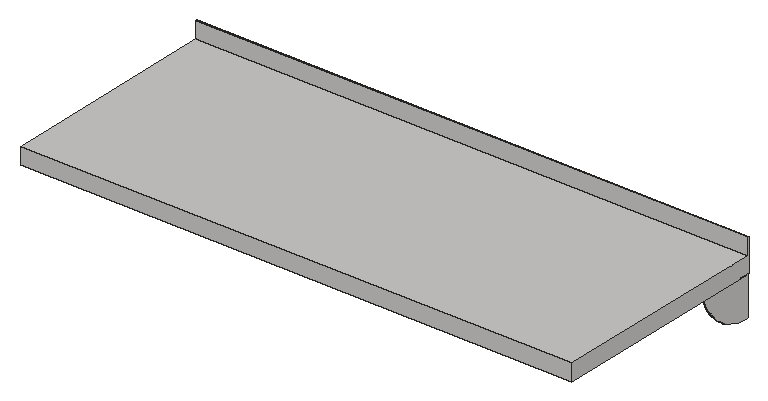
Revit family "QF_ELECTROLUXPROFESSIONAL_132823_WSS104N", category Attrezzature speciali, Revit 2020
Family settings
  Quota connettore circolare = Usa diametro
  Tipo di parte = Normale
  Basato su piano di lavoro = No
  Sempre verticale = Sì
  Taglio con vuoti quando caricato = No
  Condiviso = No
  Punto di calcolo locali = No
Parameters (values of type "Standard")
  Weight = 2.00 kg
  Watts = 0 W
  Volts = 0 V
  URL Manufacturer = "https://www.electroluxprofessional.com/"
  URL = "https://www.electroluxprofessional.com/"
  Steam Supply Size = 0 mm
  Steam Supply Minimum Pressure = 0.0 Pa
  Steam Supply Maximum Pressure = 0.0 Pa
  Steam Consumption per Hour = 0
  Refrigeration Suction Line Size = 0.0 mm
  Refrigeration Liquid Line Size = 0.0 mm
  Refrigerant Compressor Remote = yes
  Prospetto di default = 0.0 mm
  Produttore = "Electrolux Professional"
  Phase = 0
  Modello = "WSS104N"
  Length Actual = 1000.0 mm  # constant formula
  Item Number = "132823"
  Hot Water Size = 0 mm
  Height Actual = 30.0 mm  # constant formula
  HP = "0 HP"
  Gas Size = 0 mm
  Gas KW = 0
  Gas Input Pressure = 0 W
  Direct Waste Size = 0 mm
  Descrizione = "SOLID WALL SHELF WITH BRACKETS 1000 MM"
  Depth Actual = 400.0 mm  # constant formula
  Cycle = 0 Hz
  Condensate Return Size = 0 mm
  Compressed Air Volume = 0.0 L/s
  Compressed Air Size = 0 mm
  Compressed Air Pressure = 0.0 Pa
  Cold Water Size = 0 mm
  Accessory = yes
Reference planes
  plane 1 "Center (Front/Back)": y = 0
  plane 2: z = 0
  plane 3 "Center (Left/Right)": x = 0
  plane 4 "LEFT": x = -500
  plane 5 "RIGHT": x = 500
  plane 6 "BACK": y = 50
  plane 7 "FRONT": y = -350
  plane 8 "TOP": z = 132
  plane 9: z = 102
  plane 10: z = 72
Forms (mm)
  Extrusion 1, solid, material "QF_Finishes_Stainless Steel"
    sketch origin (0, 0, 0) x (0, 1, 0) y (0, 0, 1)
      loop
        line (48, 102) -> (-350, 102) -> (-350, 72) -> (50, 72) -> (50, 132) -> (48, 132) -> (48, 102)
    from 500 to -500
  Extrusion 2, solid, material "QF_Finishes_Stainless Steel"
    sketch origin (-500, 0, 0) x (0, 1, 0) y (0, 0, 1)
      loop
        line (50, 72) -> (-50, 72)
        arc (-50, 72) -> (-13.401, 19.967) -> (47, 0) r 101.34
        line (47, 0) -> (50, 0) -> (50, 72)
    from 0 to 3
  Extrusion 3, solid, material "QF_Finishes_Stainless Steel"
    sketch origin (500, 0, 0) x (0, 1, 0) y (0, 0, 1)
      loop
        line (50, 72) -> (-50, 72)
        arc (-50, 72) -> (-13.401, 19.967) -> (47, 0) r 101.34
        line (47, 0) -> (50, 0) -> (50, 72)
    from 0 to -3
  Extrusion 4, solid, material "QF_Finishes_Stainless Steel"
    sketch origin (0, 50, 0) x (-1, 0, 0) y (0, 0, 1)
      loop
        line (497, 72) -> (470, 72) -> (470, 0) -> (497, 0) -> (497, 72)
      loop
        arc (478.5, 10) -> (475.5, 7) -> (478.5, 4) r 3
        line (478.5, 4) -> (488.5, 4)
        arc (488.5, 4) -> (491.5, 7) -> (488.5, 10) r 3
        line (488.5, 10) -> (478.5, 10)
    from 0 to -3
  Extrusion 5, solid, material "QF_Finishes_Stainless Steel"
    sketch origin (0, 50, 0) x (1, 0, 0) y (0, 0, -1)
      loop
        line (497, -72) -> (497, 0) -> (470, 0) -> (470, -72) -> (497, -72)
      loop
        line (478.5, -10) -> (488.5, -10)
        arc (488.5, -10) -> (491.5, -7) -> (488.5, -4) r 3
        line (488.5, -4) -> (478.5, -4)
        arc (478.5, -4) -> (475.5, -7) -> (478.5, -10) r 3
    from 0 to -3
Lines and regions (mm)
  symbolic lines
    curve 1: line (500, 50, 132) -> (-500, 50, 132)
    curve 2: line (-500, 50, 132) -> (-500, -350, 132)
    curve 3: line (-500, -350, 132) -> (500, -350, 132)
    curve 4: line (500, -350, 132) -> (500, 50, 132)
    curve 5: line (500, 48, 132) -> (-500, 48, 132)
Dimensions and locks
  plane 4 "LEFT" to plane 5 "RIGHT" = 1000.0 mm
  equal spacing: plane 4 "LEFT", plane 3 "Center (Left/Right)", plane 5 "RIGHT"
  locked: plane 8 "TOP" to level at 132
  plane 6 "BACK" to plane 7 "FRONT" = 400.0 mm
  plane 6 "BACK" to plane 1 "Center (Front/Back)" to plane 7 "FRONT" = 50.0 mm, 350.0 mm
  locked: plane 8 "TOP" to plane 9 at 30
  plane 9 to plane 10 = 30.0 mm
  locked: Extrusion 4 sketch curve to Extrusion 2 at 27
  aligned and locked: level to plane 2
  aligned and locked: Extrusion 1 to plane 4 "LEFT"
  aligned and locked: plane 5 "RIGHT" to Extrusion 1
  aligned and locked: curve 2 to plane 4 "LEFT"
  aligned and locked: Extrusion 1 sketch curve to plane 9
  aligned and locked: Extrusion 4 sketch curve to Extrusion 2
  aligned and locked: Extrusion 4 sketch curve to Extrusion 1
  aligned and locked: Extrusion 4 sketch curve to level
  aligned and locked: plane 6 "BACK" to Extrusion 3 sketch curve
  aligned and locked: Extrusion 3 sketch curve to plane 10
  aligned and locked: Extrusion 3 sketch curve to level
  aligned and locked: plane 6 "BACK" to Extrusion 2 sketch curve
  aligned and locked: Extrusion 2 sketch curve to plane 10
  aligned and locked: Extrusion 2 sketch curve to level
Automatic sketch dimensions
  Extrusion 1 sketch curve to plane 7 "FRONT" = 0.0 mm
  Extrusion 1 sketch curve to plane 8 "TOP" = 0.0 mm
  Extrusion 1 sketch curve to plane 6 "BACK" = 0.0 mm
  Extrusion 1 sketch curve to plane 10 = 0.0 mm
  Extrusion 1 sketch curve to plane 6 "BACK" = 2.0 mm
  Extrusion 2 sketch curve to Extrusion 2 sketch curve = 3.0 mm
  plane 1 "Center (Front/Back)" to Extrusion 2 sketch curve = 50.0 mm
  Extrusion 3 sketch curve to Extrusion 3 sketch curve = 3.0 mm
  plane 1 "Center (Front/Back)" to Extrusion 3 sketch curve = 50.0 mm
  Extrusion 4 sketch curve to Extrusion 4 sketch curve = 8.5 mm
  Extrusion 4 sketch curve to Extrusion 4 sketch curve = 10.0 mm
  level to Extrusion 4 sketch curve = 4.0 mm
  Extrusion 4 sketch curve to Extrusion 4 sketch curve = 3.0 mm
  curve 3 to plane 7 "FRONT" = 0.0 mm
  curve 5 to plane 5 "RIGHT" = 0.0 mm
  curve 4 to plane 6 "BACK" = 0.0 mm
  curve 5 to plane 6 "BACK" = 2.0 mm
  Extrusion 5 sketch curve to plane 10 = 0.0 mm
  Extrusion 5 sketch curve to level = 0.0 mm
  plane 5 "RIGHT" to Extrusion 5 sketch curve = 30.0 mm
  Extrusion 5 sketch curve to Extrusion 5 sketch curve = 8.5 mm
  Extrusion 5 sketch curve to Extrusion 5 sketch curve = 10.0 mm
  plane 5 "RIGHT" to Extrusion 5 sketch curve = 3.0 mm
  Extrusion 5 sketch curve to level = 4.0 mm
  Extrusion 5 sketch curve to Extrusion 5 sketch curve = 3.0 mm
